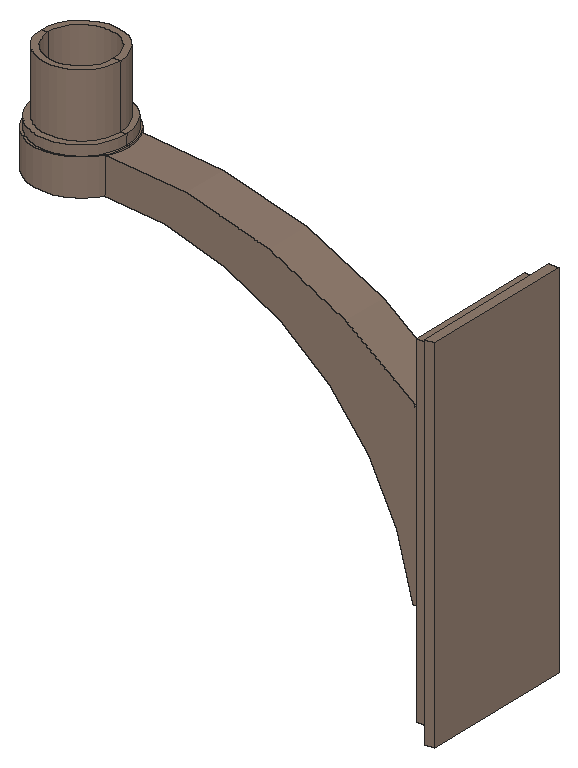
Revit family "WM516", category Generic Models, Revit 2014
Parameters
  WALL MOUNT = Bronze, Architectural
  COUPLING = Bronze, Architectural
  ARM 02 = Bronze, Architectural
  ARM = Bronze, Architectural
Reference planes (in)
  plane 1 "Center (Front/Back)": y = 0
  plane 2: z = 0
  plane 3 "Center (Left/Right)": x = 0
Forms (in)
  Extrusion 1, solid, material "Bronze, Architectural" <- "WALL MOUNT"
    sketch origin (0.00231, -9.80113, 0) x (0, 1, 0) y (0, 0, 1)
      loop
        line (12.72032, 32.71208) -> (6.88194, 32.71208) -> (6.88194, 18.99869) -> (12.72032, 18.99869) -> (12.72032, 32.71208)
    from -0.375 to -0.00231
  Extrusion 2, solid, material "Bronze, Architectural" <- "WALL MOUNT"
    sketch origin (0.00231, -9.80113, 0) x (0, 1, 0) y (0, 0, 1)
      loop
        line (12.34532, 19.37369) -> (12.34532, 32.33708) -> (7.25694, 32.33708) -> (7.25694, 19.37369) -> (12.34532, 19.37369)
    from -1 to -0.375
  Revolve 3, solid, material "Bronze, Architectural" <- "ARM 02"
    sketch origin (0, 0, 0) x (1, 0, 0) y (0, 0, 1)
      loop
        line (-17.45046, 33.60937) -> (-17.45046, 33.23038) -> (-17.52519, 33.23038) -> (-17.52519, 31.85538) -> (-17.02519, 31.85538)
        arc (-17.02519, 31.85538) -> (-16.9368, 31.81877) -> (-16.90019, 31.73038) r 0.125
        line (-16.90019, 31.73038) -> (-16.90019, 31.60538)
        arc (-16.90019, 31.60538) -> (-16.86358, 31.517) -> (-16.77519, 31.48038) r 0.125
        line (-16.77519, 31.48038) -> (-15.71269, 31.48038) -> (-15.71269, 33.60937) -> (-17.45046, 33.60937)
      axis (-15.71269, 31.48038) -> (-15.71269, 33.60937)
    angle from 0 to 360
  Extrusion 4, solid, material "Bronze, Architectural" <- "ARM"
    sketch origin (0, 0, 0) x (1, 0, 0) y (0, 0, 1)
      loop
        line (-14.23185, 33.22146) -> (-14.23185, 31.84675)
        arc (-14.23185, 31.84675) -> (-6.49793, 29.24557) -> (-2.46937, 22.14976) r 11.42988
        arc (-2.46937, 22.14976) -> (-2.44641, 22.11767) -> (-2.40891, 22.10538) r 0.06337
        line (-2.40891, 22.10538) -> (-2.08769, 22.10538) -> (-2.08769, 28.9648)
        arc (-2.08769, 28.9648) -> (-2.22278, 28.8148) -> (-2.41858, 28.8639) r 0.19577
        arc (-2.41858, 28.8639) -> (-7.89452, 32.21028) -> (-14.23185, 33.22146) r 16.54651
    from -0.875 to 0.875
  Extrusion 5, solid, material "Bronze, Architectural" <- "WALL MOUNT"
    sketch origin (0, 0, 0) x (1, 0, 0) y (0, 0, 1)
      loop
        line (-2.08769, 21.48038) -> (-1.21269, 21.48038) -> (-1.21269, 30.23038) -> (-2.08769, 30.23038) -> (-2.08769, 21.48038)
    from -1.125 to 1.125
  Extrusion 6, solid, material "Bronze, Architectural" <- "WALL MOUNT"
    sketch origin (0, 0, 0) x (1, 0, 0) y (0, 0, 1)
      loop
        line (-0.99769, 30.73038) -> (-1.15019, 30.73038)
        arc (-1.15019, 30.73038) -> (-1.19438, 30.71208) -> (-1.21269, 30.66788) r 0.0625
        line (-1.21269, 30.66788) -> (-1.21269, 21.04288)
        arc (-1.21269, 21.04288) -> (-1.19438, 20.99869) -> (-1.15019, 20.98038) r 0.0625
        line (-1.15019, 20.98038) -> (-0.99769, 20.98038) -> (-0.99769, 30.73038)
    from -1.25 to 1.25
  Revolve 7, solid, material "Bronze, Architectural" <- "COUPLING"
    sketch origin (0, 0, 0) x (1, 0, 0) y (0, 0, 1)
      loop
        line (-17.21269, 33.60937) -> (-15.71269, 33.60937) -> (-15.71269, 36.00059) -> (-17.21269, 36.00059) -> (-17.21269, 33.60937)
      axis (-15.71269, 33.60937) -> (-15.71269, 36.00059)
    angle from 0 to 360
  Revolve 8, void
    sketch origin (0, 0, 0) x (1, 0, 0) y (0, 0, 1)
      loop
        line (-16.96269, 36.00059) -> (-16.96269, 33.60937) -> (-15.71269, 33.60937) -> (-15.71269, 36.00059) -> (-16.96269, 36.00059)
      axis (-15.71269, 36.00059) -> (-15.71269, 33.60937)
    angle from 0 to 360
Cuts and joins
  Revolve 8 cuts Revolve 3
  Revolve 8 cuts Revolve 7
Dimensions and locks (in)
  aligned and locked: plane 2 to level
